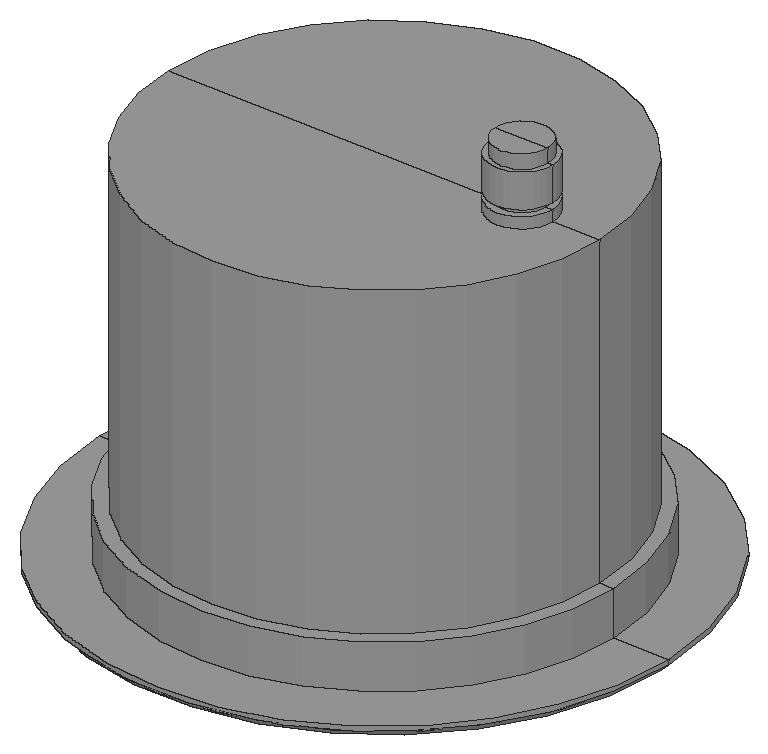
Revit family "Alcon-14078-6 -Revit-Family", category Lighting Fixtures, host Ceiling, Revit 2021
Family settings
  Host = Ceiling
  Round Connector Dimension = Use Diameter
  Part Type = Normal
  OmniClass Number = 23.80.70.11
  OmniClass Title = Luminaries for Internal Lighting
  Always vertical = Yes
  Cut with Voids When Loaded = No
  Light Source = Yes
  Shared = No
  Room Calculation Point = No
Parameters (values of type "Type 1")
  Wattage = 9.2903 W
  built-in parameter 1150110 = 1 (stored number, unit not read)
  built-in parameter 1114217 = 1 (stored number, unit not read)
  Tilt Angle = 60.00°
  built-in parameter 1150109 = 1 (stored number, unit not read)
  built-in parameter 1150134 = (empty or 0)
  built-in parameter 1150113 = 1 (stored number, unit not read)
  built-in parameter 1010507 = 1.5708 (stored number, unit not read)
  built-in parameter 1010506 = 0.5236 (stored number, unit not read)
  Product Identity = "Alcon Lighting 14078-6"
  Manufacturer = "Alcon Light"
  Lumens = 1380 lm
  built-in parameter 1150115 = 1 (stored number, unit not read)
  built-in parameter 1150105 = 4614.1 (stored number, unit not read)
  Link To Product Page = "https://www.alconlighting.com/14078-6.html"
  LightSource = light
  Light Source Symbol Length = 10' - 0"
  built-in parameter 1150137 = (empty or 0)
  built-in parameter 1150139 = (empty or 0)
  Reflector = Default metal
  built-in parameter 1150112 = 1 (stored number, unit not read)
  built-in parameter 1150114 = 1 (stored number, unit not read)
  built-in parameter 1150132 = 2
  built-in parameter 1150102 = (empty or 0)
  built-in parameter 1150138 = (empty or 0)
  built-in parameter 1150107 = 3000 (stored number, unit not read)
  built-in parameter 1150106 = 46.141 (stored number, unit not read)
  Housing = Default
  built-in parameter 1150104 = 13.8 (stored number, unit not read)
  Dimming Lamp Color Temperature Shift = <None>
  Default Elevation = 0' - 0"
  Color Filter = 16777215
  built-in parameter 1114218 = 1 (stored number, unit not read)
  built-in parameter 1150133 = 10 (stored number, unit not read)
Reference planes (in)
  plane 1 "Light Source Axis (F/B)": y = 0
  plane 2: z = 0
  plane 3 "Light Source Axis (L/R)": x = 0
  plane 4 "Ceiling": z = 157.73031
  plane 5 "Light Source Elevation": z = 159.49205
Forms (in)
  Extrusion 1, void
    sketch origin (0, 0, 157.73031) x (0, 1, 0) y (-1, 0, 0)
      loop
        circle (0, 0) r 3.625
    from -0.44379 to 1.76174
  Revolve 2, solid, material "light" <- "LightSource"
    sketch origin (0, 0, -6.15688) x (1, 0, 0) y (0, 0, 1)
      loop
        line (0, 165.64893) -> (0, 165.71265) -> (-0.29753, 165.71265) -> (-0.29753, 165.64893) -> (0, 165.64893)
      axis (0, 165.64893) -> (0, 165.71265)
    angle from 0 to 360
  Revolve 3, solid, material "Default" <- "Housing"
    sketch origin (-40.7589, 0, 309.32064) x (0.965926, 0, 0.258819) y (-0.258819, 0, 0.965926)
      loop
        line (-3.31956, -156.19854) -> (-2.57403, -156.39831) -> (-2.37411, -156.19839) -> (-2.25388, -155.74968) -> (-2.5411, -155.67272) -> (-2.68716, -156.21783) -> (-3.36587, -156.03598) -> (-3.38094, -156.09223) -> (-3.31956, -156.19854)
      axis (0.28168, -156.42908) -> (0.09807, -157.1143)
    angle from 0 to 360
  Revolve 4, solid, material "Default" <- "Housing"
    sketch origin (-40.7589, 0, 6.38445) x (0.965926, 0, -0.258819) y (0.258819, 0, 0.965926)
      loop
        line (-2.60347, 156.57143) -> (-2.55588, 156.58418)
        arc (-2.55588, 156.58418) -> (-1.79227, 157.75775) -> (-0.56097, 158.42431) r 2.84206
        line (-0.56097, 158.42431) -> (-0.27358, 158.50132) -> (-0.96061, 161.06537) -> (-3.61691, 160.35362) -> (-2.60347, 156.57143)
      axis (0.05282, 157.28318) -> (-0.96061, 161.06537)
    angle from 0 to 360
  Revolve 5, solid, material "Default" <- "Housing"
    sketch origin (-40.0089, 0, 6.44738) x (0.965926, 0, -0.258819) y (0.258819, 0, 0.965926)
      loop
        line (0.02479, 161.26426) -> (-0.18688, 162.05423) -> (-0.50971, 161.96772) -> (-0.46529, 161.80192) -> (-0.52746, 161.78526) -> (-0.4169, 161.37263) -> (-0.32834, 161.39636) -> (-0.30765, 161.31911) -> (-0.3962, 161.29538) -> (-0.36022, 161.16109) -> (0.02479, 161.26426)
      axis (0.02479, 161.26426) -> (-0.18688, 162.05423)
    angle from 0 to 360
  Revolve 6, solid, material "Default metal" <- "Reflector"
    sketch origin (-40.7589, 0, 309.32064) x (0.965926, 0, 0.258819) y (-0.258819, 0, 0.965926)
      loop
        line (-2.32703, -155.73008) -> (-2.25388, -155.74968)
        arc (-2.25388, -155.74968) -> (-1.04382, -155.15417) -> (0.30419, -155.19548) r 2.79142
        line (0.30419, -155.19548) -> (0.32037, -155.13511)
        arc (0.32037, -155.13511) -> (-1.07856, -155.09784) -> (-2.32703, -155.73008) r 2.85392
      axis (0.60776, -155.21211) -> (0.28168, -156.42908)
    angle from 0 to 360
  Extrusion 7, solid, material "Default" <- "Housing"
    sketch origin (0, 0, 157.73031) x (0, 1, 0) y (-1, 0, 0)
      loop
        circle (0, 3.22684) r 0.09229
      loop
        circle (2.15021, -2.37464) r 0.09229
      loop
        circle (-3.05775, -1.07615) r 0.09229
    from -0.19498 to -0.14504
Dimensions and locks (in)
  equal spacing: host sketch curve, plane 3 "Light Source Axis (L/R)", host sketch curve
  equal spacing: host sketch curve, plane 1 "Light Source Axis (F/B)", host sketch curve
  host sketch curve to host sketch curve = 13' - 1.48031"  (x2)
  host ceiling to plane 4 "Ceiling" = 0' - 0"
  aligned and locked: plane 1 "Light Source Axis (F/B)" to imposter light
